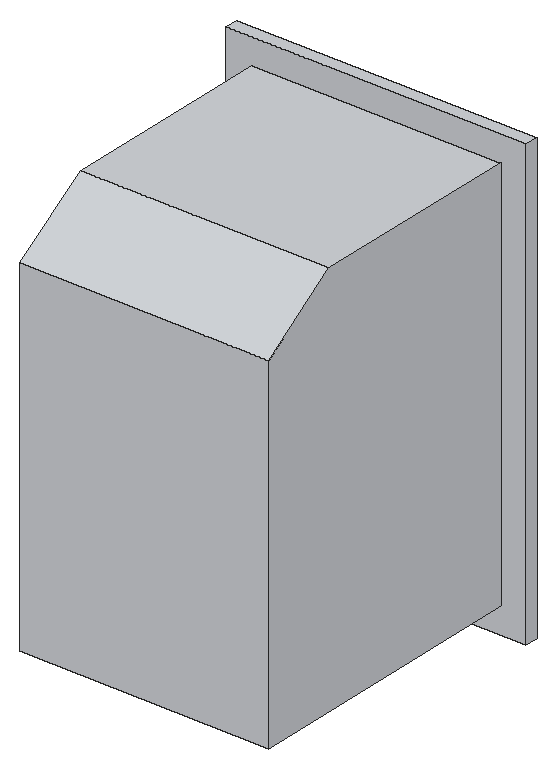
Revit family "M_Capela da admissão", category Terminais de ar, Revit 2019
Family settings
  Cota do conector redondo = Utilizar diâmetro
  Tipo de parte = Normal
  Número OmniClass = 23.75.70.21.27.17
  Título OmniClass = Intake and Relief Ventilators
  ID de item do Seek = Intake Hood-0000-CAN-ENU
  Com base no plano de trabalho = Não
  Sempre na vertical = Sim
  Corte com vazios quando carregada = Não
  Compartilhado = Não
  Ponto de cálculo do ambiente = Não
Parameters (values of type "250 mmx400 mm")
  Largura 1 = 0.25 * Largura da coifa  # 76.25 mm
  Altura do duto = 250 mm
  Largura do duto = 400 mm
  Fluxo [instance] = 472.0 L/s
  Queda de pressão [instance] = 79.6 Pa
  Deslocamento 2 = 13 mm
  Deslocamento 1 = 2 * Deslocamento 2  # 26 mm
  Material da coifa de admissão = none
  Largura da coifa = 305 mm
  Altura 1 = 1 / 8 * Largura do duto  # 50 mm
Types (8, lengths in mm): name | Largura 1 | Altura do duto | Largura do duto | Fluxo | Queda de pressão | Largura da coifa | Altura 1
  (no name) | 76.25 | 250 | 400 | 472.0 L/s | 79.6 Pa | 305 | 50
  250 mmx400 mm | 76.25 | 250 | 400 | 472.0 L/s | 79.6 Pa | 305 | 50
  475 mmx450 mm | 114.25 | 475 | 450 | 1040.0 L/s | 112.0 Pa | 457 | 56.25
  650 mmx650 mm | 101.5 | 650 | 650 | 2120.0 L/s | 112.0 Pa | 406 | 81.25
  700 mmx1200 mm | 101.5 | 700 | 1200 | 2600.0 L/s | 74.7 Pa | 406 | 150
  1500 mmx625 mm-2830 LPS | 101.5 | 1500 | 625 | 2830.0 L/s | 37.3 Pa | 406 | 78.125
  1500 mmx625 mm-4250 LPS | 101.5 | 1500 | 625 | 4250.0 L/s | 99.5 Pa | 406 | 78.125
  1750 mmx750 mm | 111.25 | 1750 | 750 | 5660.0 L/s | 112.0 Pa | 445 | 93.75
Reference planes
  plane 1 "Centro (Frente/Trás)": y = 0
  plane 2: z = 0
  plane 3 "Centro (Esquerda/Direita)": x = 0
  plane 4: x = -125
  plane 5: x = 125
  plane 6: y = -305
  plane 7: y = -228.75
  plane 8: x = -151
  plane 9: x = 151
  plane 10: y = -13
  plane 11: z = 400
  plane 12: z = 350
  plane 13: z = -26
  plane 14: z = 426
Forms (mm)
  Extrusion 1, solid, material <- "Material da coifa de admissão"
    sketch origin (0, 0, 0) x (0, 1, 0) y (0, 0, 1)
      loop
        line (-13, 400) -> (-228.75, 400) -> (-305, 350) -> (-305, 0) -> (-13, 0) -> (-13, 400)
    from -125 to 125
  Extrusion 2, solid, material <- "Material da coifa de admissão", detail levels medium+fine
    sketch origin (0, 0, 0) x (0, 1, 0) y (0, 0, 1)
      loop
        line (0, 426) -> (-13, 426) -> (-13, -26) -> (0, -26) -> (0, 426)
    from -151 to 151
Lines and regions (mm)
  model lines, detail levels medium+fine
    curve 1: line (-125, -305, 291.667) -> (125, -305, 291.667)
    curve 2: line (-125, -305, 58.333) -> (125, -305, 58.333)
    curve 3: line (-125, -305, 233.333) -> (125, -305, 233.333)
    curve 4: line (-125, -305, 175) -> (125, -305, 175)
    curve 5: line (-125, -305, 116.667) -> (125, -305, 116.667)
Dimensions and locks
  equal spacing: plane 4, plane 3 "Centro (Esquerda/Direita)", plane 5
  "Altura do duto": plane 4 to plane 5
  "Largura da coifa": plane 6 to plane 1 "Centro (Frente/Trás)"
  "Largura 1": plane 7 to plane 6
  "Deslocamento 1": plane 8 to plane 4
  "Deslocamento 1": plane 9 to plane 5
  "Deslocamento 2": plane 1 "Centro (Frente/Trás)" to plane 10
  "Largura do duto": plane 11 to plane 2
  "Altura 1": plane 11 to plane 12
  "Deslocamento 1": plane 14 to plane 11
  "Deslocamento 1": plane 2 to plane 13
  equal spacing: plane 12, curve 1, curve 3, curve 4, curve 5, curve 2, plane 2
  aligned and locked: Extrusion 1 sketch curve to plane 11
  aligned and locked: plane 2 to Extrusion 1 sketch curve
  aligned and locked: plane 7 to Extrusion 1 sketch curve
  aligned and locked: plane 6 to Extrusion 1 sketch curve
  aligned and locked: plane 12 to Extrusion 1 sketch curve
  aligned and locked: plane 11 to Extrusion 1 sketch curve
  aligned and locked: Extrusion 1 to plane 4
  aligned and locked: Extrusion 1 to plane 5
  aligned and locked: plane 1 "Centro (Frente/Trás)" to Extrusion 2 sketch curve
  aligned and locked: plane 14 to Extrusion 2 sketch curve
  aligned and locked: plane 13 to Extrusion 2 sketch curve
  aligned and locked: Extrusion 2 sketch curve to plane 10
  aligned and locked: plane 8 to Extrusion 2
  aligned and locked: plane 9 to Extrusion 2
  aligned and locked: Extrusion 1 sketch curve to plane 10
Automatic sketch dimensions
  curve 3 to plane 5 = 0 mm
  curve 1 to plane 5 = 0 mm
  curve 4 to plane 5 = 0 mm
  curve 2 to plane 5 = 0 mm
  curve 5 to plane 5 = 0 mm
  curve 4 to plane 4 = 0 mm
  curve 2 to plane 4 = 0 mm
  curve 5 to plane 4 = 0 mm
  curve 1 to plane 4 = 0 mm
  curve 3 to plane 4 = 0 mm
Connectors
  hvac at (0, 0, 200), driven by "Queda de pressão", driven by "Fluxo", driven by "Altura do duto", driven by "Largura do duto"
    settings: on Extrusion 2, index 1, duct flow 472.0 L/s, flow factor 0, pres drop 79.6 Pa, loss coef 0, conn angle 0.00°, conn width 400 mm, conn height 250 mm, conn diameter 609.6 mm, duct sys type 2, conn prof type 1, flow config 1, flow direction 2, loss method 4, conn ref index -1, conn util no, is conn primary yes, conn desc ""
